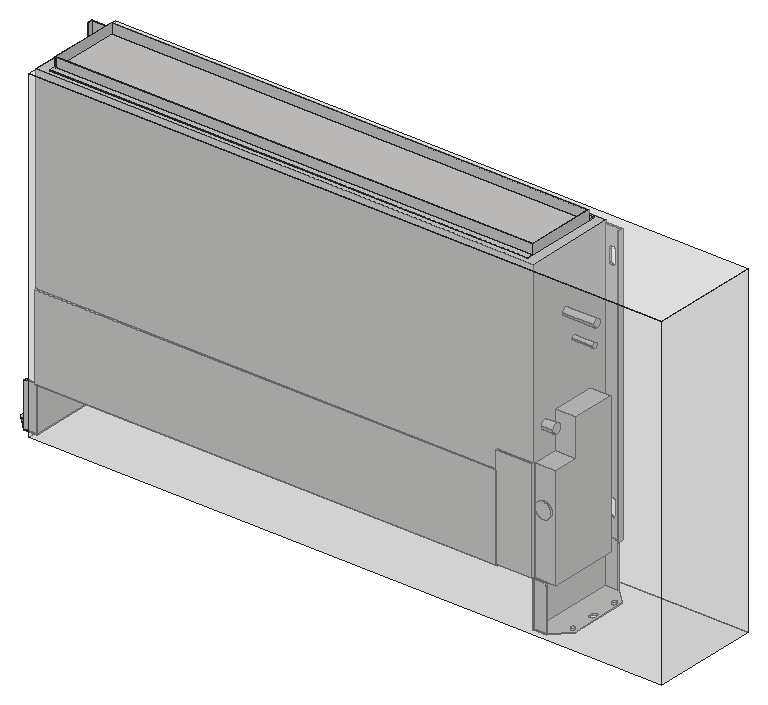
Revit family "outputfile", category 機械設備, Revit 2024
Family settings
  丸型コネクタ寸法 = 半径を使用
  パーツ タイプ = 標準
  OmniClass 番号 = 23.75.10.24.21.27.27
  OmniClass タイトル = Split System Air Conditioning Units
  作業面ベース = いいえ
  常に垂直 = はい
  ロード時にボイドで切り取り = いいえ
  注釈の向きを維持 = いいえ
  共有 = いいえ
  部屋計算ポイント = いいえ
Parameters (values of type "FXNQ63A2VEB")
  Description = ""
  製造元 = "Daikin"
  書き出し IFC クラス(タイプ) = "IfcUnitaryEquipmentType"
  定義済み IFC タイプ(タイプ) = "AIRCONDITIONINGUNIT"
  Cost = 0
  モデル = "FXNQ63A2VEB"
  Type Comments = ""
  Keynote = ""
  Type Image = (empty or 0)
  Assembly Code = ""
  w_hangerfixture = 0.0 mm
  w_dischargeflange = 1060.0 mm
  r_Liquid Pipe Size = Liquid Pipe Size / 2  # 4.75 mm
  r_Gas Pipe Size = Gas Pipe Size / 2  # 7.95 mm
  w_mounting foot = 1230.0 mm
  r_Drain Pipe Size = Drain Pipe Size / 2  # 10.0 mm
  h_mountinghole = [h***] + 1.6 mm  # 1.6 mm
  lh_liquidpipe = 193.0 mm
  lh_gaspipe = 130.0 mm
  lh_drainpipe = 330.0 mm
  lh_antena = 725.8 mm  # constant formula
  ld_liquidpipe = 90.0 mm
  ld_gaspipe = 114.0 mm
  ld_drainpipe = 171.0 mm
  h*** = 0.0 mm  # constant formula
  w_front suction = 1001.0 mm
  d_pipe_2 = 27.3 mm  # constant formula
  d_pipe_1 = 47.6 mm  # constant formula
  d_pipe = 71.2 mm  # constant formula
  Width = 1104.8 mm
  Voltage_comment_60Hz = "220"
  Voltage_comment_50Hz = "220-240"
  Voltage_60Hz = 220 V
  Voltage_50Hz = 220 V
  Version = "ver.1.0"
  Unit Type = "Concealed Floor Standing Type"
  Unit Mass Weight = 32.00 kg
  Unit Designation [instance] = ""
  Uniclass2015Version = "Products v1.30"
  Uniclass2015Title = "Variable refrigerant flow units"
  Uniclass2015Code = "Pr_70_65_03_94"
  URL = ""
  Total Heating Capacity [instance] = 0.000 kW
  Total Cooling Capacity [instance] = 0.000 kW
  Sound Pressure Level_M speed (dBA) = 0
  Sound Pressure Level_L speed (dBA) = 32
  Sound Pressure Level_H speed (dBA) = 35
  Series = "VRV Fan Coil Unit"
  Sensible Cooling Capacity [instance] = 0.000 kW
  SA Duct Size Width = 1058.0 mm
  SA Duct Size Height = 154.0 mm
  Refrigerant Type = "R410A"
  Power Input (Heating) = 0.107 kW
  Power Input (Cooling) = 0.110 kW
  Phase_60Hz = 1
  Phase_50Hz = 1
  Option Accessory 3 [instance] = ""
  Option Accessory 2 [instance] = ""
  Option Accessory 1 [instance] = ""
  Nominal Heating Capacity = 8.000 kW
  Nominal Cooling Capacity = 7.100 kW
  Minimum External Static Pressure = 0.00 Pa
  Minimum Circuit Amps_60Hz = 0.6 A
  Minimum Circuit Amps_50Hz = 0.6 A
  Minimum Airflow = 780.00 m³/h
  Median Airflow = 870.00 m³/h
  Maximum Fuse Amps_60Hz = 16.0 A
  Maximum Fuse Amps_50Hz = 16.0 A
  Maximum External Static Pressure = 55.00 Pa
  Maximum Airflow = 990.00 m³/h
  Material_Casing = DAIKIN_GalvanizedSteel_Casing_indoorunit
  Load Classification = HVAC
  Liquid Pipe Size = 9.5 mm
  Link_Nested Family [instance] = ""
  IfcVersion = "0"
  IfcExportType = "AIRCONDITIONINGUNIT"
  IfcExportAs = "IfcUnitaryEquipmentType"
  Height = 623.4 mm
  Heating Entering Wet Bulb Temperature [instance] = 0.00 °C
  Heating Entering Dry Bulb Temperature [instance] = 0.00 °C
  Heating Ambient Wet Bulb Temperature [instance] = 0.00 °C
  Heating Ambient Dry Bulb Temperature [instance] = 0.00 °C
  Heat Exchanger Type = "Cross Fin Coil"
  Gas Pipe Size = 15.9 mm
  Frequency_60Hz = 60 Hz
  Frequency_50Hz = 50 Hz
  Fan Type = "Sirocco Fan"
  Fan Drive = "Direct Drive"
  FCU Tag No. [instance] = ""
  Drain Pipe Size = 20.0 mm
  Design Supply Airflow [instance] = 0.00 m³/h
  Design External Static Pressure [instance] = 0.00 Pa
  Depth = 200.0 mm
  既定の高さ = 0.0 mm
  Cooling Entering Wet Bulb Temperature [instance] = 0.00 °C
  Cooling Entering Dry Bulb Temperature [instance] = 0.00 °C
  Cooling Ambient Wet Bulb Temperature [instance] = 0.00 °C
  Cooling Ambient Dry Bulb Temperature [instance] = 0.00 °C
  Clearance visibility [instance] = yes
  Clearance Top = 0.0 mm
  Clearance Right = 300.0 mm
  Clearance Rear = 20.0 mm
  Clearance Left = 0.0 mm
  Clearance Front = 20.0 mm
  Clearance Bottom = 100.0 mm
Reference planes
  plane 1 "Back": y = 0
  plane 2: z = 0
  plane 3 "Center (Left/Right)": x = 0
  plane 4 "Center (Front/Back)": y = -100
  plane 5 "Front": y = -200
  plane 6 "Left": x = -552.4
  plane 7 "Right": x = 552.4
  plane 8 "Top": z = 726.4
  plane 9: z = 103
  plane 10 "lh_liquidpipe": z = 533.4
  plane 11 "ld_liquidpipe": y = -90
  plane 12 "ld_gaspipe": y = -114
  plane 13 "lh_gaspipe": z = 596.4
  plane 14 "lh_drainpipe": z = 396.4
  plane 15 "ld_drainpipe": y = -171
  plane 16: x = 600
  plane 17: x = 623.6
  plane 18: x = -540
  plane 19: x = 461
  plane 20: z = 111.4
  plane 21: z = 290.8
  plane 22 "lw_powersupply": x = 576.2
  plane 23 "ld_powersupply": y = -150
  plane 24: y = -10
  plane 25: y = -190
  plane 26: x = 615
  plane 27: x = -615
  plane 28: x = 579.7
  plane 29: x = -590
  plane 30: x = 590
  plane 31: z = 723
  plane 32: z = 747.6
  plane 33: z = 726.4
  plane 34: z = 3
  plane 35: x = -552.4
  plane 36: x = 852.4
  plane 37: y = -220
  plane 38: y = 20
  plane 39: x = -605
  plane 40: x = 605
  plane 41: y = -97.5
  plane 42 "Bottom": z = 0
Forms (mm)
  Extrusion 1, solid, material "DAIKIN_GalvanizedSteel_Casing_indoorunit" <- "Material_Casing"
    sketch origin (0, 0, 0) x (1, 0, 0) y (0, 1, 0)
      loop
        line (-552.4, 0) -> (-552.4, -200) -> (552.4, -200) -> (552.4, 0) -> (-552.4, 0)
    from 103 to 726.4
  Extrusion 2, solid, material "DAIKIN_GalvanizedSteel_Casing_indoorunit" <- "Material_Casing"
    sketch origin (552.4, 0, 0) x (0, -1, 0) y (0, 0, -1)
      loop
        circle (90, -533.4) r 4.75
    from 0 to 47.6
  Extrusion 3, solid, material "DAIKIN_GalvanizedSteel_Casing_indoorunit" <- "Material_Casing"
    sketch origin (552.4, 0, 0) x (0, -1, 0) y (0, 0, -1)
      loop
        circle (114, -596.4) r 7.95
    from 0 to 71.2
  Extrusion 4, solid, material "DAIKIN_GalvanizedSteel_Casing_indoorunit" <- "Material_Casing"
    sketch origin (0, -200, 0) x (-1, 0, 0) y (0, 0, 1)
      loop
        line (552.4, 290.8) -> (-471.8, 290.8) -> (-471.8, 103) -> (552.4, 103) -> (552.4, 290.8)
    from 0 to -5
  Extrusion 5, solid, material "DAIKIN_GalvanizedSteel_Casing_indoorunit" <- "Material_Casing"
    sketch origin (552.4, 0, 0) x (0, 1, 0) y (0, 0, 1)
      loop
        line (-198.4, 103.6) -> (-46, 103.6) -> (-46, 413.6) -> (-142.2, 413.6) -> (-142.2, 331.6) -> (-198.4, 331.6) -> (-198.4, 103.6)
    from 0 to 47.6
  Extrusion 6, solid, material "DAIKIN_GalvanizedSteel_Casing_indoorunit" <- "Material_Casing"
    sketch origin (0, 0, 103) x (-1, 0, 0) y (0, -1, 0)
      loop
        line (552.4, 0) -> (552.4, 200) -> (-471.8, 200) -> (-471.8, 0) -> (552.4, 0)
    from 0 to -5
  Extrusion 7, solid, material "DAIKIN_GalvanizedSteel_Casing_indoorunit" <- "Material_Casing"
    sketch origin (552.4, 0, 0) x (0, 1, 0) y (0, 0, 1)
      loop
        circle (-171, 396.4) r 10
    from 0 to 27.3
  Extrusion 8, solid, material "DAIKIN_GalvanizedSteel_Casing_indoorunit" <- "Material_Casing"
    sketch origin (0, 0, 103) x (-1, 0, 0) y (0, -1, 0)
      loop
        line (552.4, 0) -> (590, 0) -> (590, 10) -> (587.7, 10) -> (587.7, 2.3) -> (552.4, 2.3) -> (552.4, 0)
    from 0 to 620
  Extrusion 9, solid, material "DAIKIN_GalvanizedSteel_Casing_indoorunit" <- "Material_Casing"
    sketch origin (0, 0, 103) x (1, 0, 0) y (0, 1, 0)
      loop
        line (552.4, 0) -> (552.4, -2.3) -> (587.7, -2.3) -> (587.7, -10) -> (590, -10) -> (590, 0) -> (552.4, 0)
    from 0 to 620
  Extrusion 10, void
    sketch origin (-552.4, -2.3, 103) x (1, 0, 0) y (0, 0, -1)
      loop
        line (-24.6, -547) -> (-24.6, -573)
        arc (-24.6, -573) -> (-17.6, -580) -> (-10.6, -573) r 7
        line (-10.6, -573) -> (-10.6, -547)
        arc (-10.6, -547) -> (-17.6, -540) -> (-24.6, -547) r 7
      loop
        arc (1129.4, -547) -> (1122.4, -540) -> (1115.4, -547) r 7
        line (1115.4, -547) -> (1115.4, -573)
        arc (1115.4, -573) -> (1122.4, -580) -> (1129.4, -573) r 7
        line (1129.4, -573) -> (1129.4, -547)
      loop
        line (-24.6, -47) -> (-24.6, -73)
        arc (-24.6, -73) -> (-17.6, -80) -> (-10.6, -73) r 7
        line (-10.6, -73) -> (-10.6, -47)
        arc (-10.6, -47) -> (-17.6, -40) -> (-24.6, -47) r 7
      loop
        arc (1129.4, -47) -> (1122.4, -40) -> (1115.4, -47) r 7
        line (1115.4, -47) -> (1115.4, -73)
        arc (1115.4, -73) -> (1122.4, -80) -> (1129.4, -73) r 7
        line (1129.4, -73) -> (1129.4, -47)
    from 0 to 250
  Extrusion 11, solid, material "DAIKIN_GalvanizedSteel_Casing_indoorunit" <- "Material_Casing"
    sketch origin (552.4, -200, 0) x (-1, 0, 0) y (0, 0, -1)
      loop
        line (80.6, -331.6) -> (80.6, -104.6) -> (0, -104.6) -> (0, -331.6) -> (80.6, -331.6)
    from 0 to 5
  Extrusion 12, solid, material "DAIKIN_GalvanizedSteel_Casing_indoorunit" <- "Material_Casing"
    sketch origin (552.4, -198.4, 331.6) x (0, 0, -1) y (1, 0, 0)
      loop
        circle (86.6, 21.8) r 17.5
    from 0 to 2.6
Cuts and joins
  Extrusion 10 cuts Extrusion 8
  Extrusion 10 cuts Extrusion 9
Dimensions and locks
  "Height": plane 8 "Top" to plane 9
  "Depth": plane 1 "Back" to plane 5 "Front"
  equal spacing: plane 5 "Front", plane 4 "Center (Front/Back)", plane 1 "Back"
  "Width": plane 6 "Left" to plane 7 "Right"
  equal spacing: plane 6 "Left", plane 3 "Center (Left/Right)", plane 7 "Right"
  "ld_liquidpipe": plane 11 "ld_liquidpipe" to plane 1 "Back"
  "lh_liquidpipe": plane 8 "Top" to plane 10 "lh_liquidpipe"
  "ld_gaspipe": plane 12 "ld_gaspipe" to plane 1 "Back"
  "lh_gaspipe": plane 8 "Top" to plane 13 "lh_gaspipe"
  "lh_drainpipe": plane 8 "Top" to plane 14 "lh_drainpipe"
  "ld_drainpipe": plane 15 "ld_drainpipe" to plane 1 "Back"
  "d_pipe_1": plane 16 to plane 7 "Right"
  "d_pipe": plane 17 to plane 7 "Right"
  plane 21 to plane 20 to plane 9 = 179.4 mm locked, 8.4 mm locked
  locked: plane 18 to plane 29 at 50
  "w_front suction": plane 19 to plane 18
  locked: Extrusion 5 sketch curve to Extrusion 5 sketch curve at 96.2
  locked: Extrusion 5 sketch curve to Extrusion 5 sketch curve at 310
  locked: Extrusion 5 sketch curve to Extrusion 5 sketch curve at 152.4
  locked: Extrusion 5 sketch curve to Extrusion 5 sketch curve at 228
  locked: Extrusion 5 sketch curve to plane 9 at 0.6
  locked: plane 7 "Right" to plane 22 "lw_powersupply" at 23.8
  locked: plane 23 "ld_powersupply" to plane 5 "Front" at 50
  locked: plane 24 to plane 1 "Back" at 10
  locked: plane 25 to plane 5 "Front" at 10
  equal spacing: plane 26, plane 3 "Center (Left/Right)", plane 27
  "w_mounting foot": plane 26 to plane 27
  locked: Extrusion 5 sketch curve to plane 1 "Back" at 46
  "d_pipe_2": plane 28 to plane 7 "Right"
  locked: plane 30 to plane 7 "Right" at 37.6
  locked: plane 6 "Left" to plane 29 at 37.6
  locked: Extrusion 10 sketch curve to Extrusion 10 sketch curve at 14  (x6)
  locked: Extrusion 10 sketch curve to Extrusion 10 sketch curve at 26  (x6)
  locked: plane 8 "Top" to plane 31 at 3.4
  locked: cut or joined group of Extrusion 8, Extrusion 10 to Extrusion 10 sketch curve at 17.6
  locked: cut or joined group of Extrusion 8, Extrusion 10 to Extrusion 10 sketch curve at 47
  locked: Extrusion 9 to Extrusion 10 sketch curve at 47
  locked: Extrusion 10 sketch curve to Extrusion 1 at 17.6  (x3)
  locked: Extrusion 10 sketch curve to Extrusion 10 sketch curve at 474  (x2)
  locked: plane 32 to plane 8 "Top" at 21.2
  "Clearance Right": plane 36 to plane 7 "Right"
  "Clearance Left": plane 6 "Left" to plane 35
  "Clearance Bottom": plane 9 to plane 34
  "Clearance Top": plane 33 to plane 8 "Top"
  "Clearance Front": plane 5 "Front" to plane 37
  "Clearance Rear": plane 1 "Back" to plane 38
  locked: plane 27 to plane 39 at 10
  locked: plane 40 to plane 26 at 10
  locked: plane 41 to plane 4 "Center (Front/Back)" at 2.5
  "h***": plane 42 "Bottom" to plane 2
  locked: plane 9 to plane 42 "Bottom" at 103
  locked: Extrusion 11 sketch curve to Extrusion 11 sketch curve at 227
  locked: Extrusion 11 sketch curve to Extrusion 11 sketch curve at 80.6
  locked: Extrusion 11 sketch curve to plane 9 at 1.6
  locked: Extrusion 12 sketch curve to plane 9 at 142
  locked: Extrusion 12 sketch curve to plane 7 "Right" at 21.8
  "Liquid Pipe Size": diameter of Extrusion 2 sketch curve
  "Gas Pipe Size": diameter of Extrusion 3 sketch curve
  "Drain Pipe Size": diameter of Extrusion 7 sketch curve
  aligned and locked: level to plane 2
  aligned and locked: plane 1 "Back" to Extrusion 1 sketch curve
  aligned and locked: plane 6 "Left" to Extrusion 1 sketch curve
  aligned and locked: plane 5 "Front" to Extrusion 1 sketch curve
  aligned and locked: Extrusion 1 sketch curve to plane 7 "Right"
  aligned and locked: plane 8 "Top" to Extrusion 1
  aligned and locked: Extrusion 1 to plane 9
  aligned and locked: plane 9 to nested 1
  aligned and locked: nested 1 to plane 4 "Center (Front/Back)"
  aligned and locked: plane 4 "Center (Front/Back)" to nested 2
  aligned and locked: nested 2 to plane 9
  aligned and locked: plane 11 "ld_liquidpipe" to Extrusion 2 sketch curve
  aligned and locked: plane 10 "lh_liquidpipe" to Extrusion 2 sketch curve
  aligned and locked: plane 16 to Extrusion 2
  aligned and locked: plane 13 "lh_gaspipe" to Extrusion 3 sketch curve
  aligned and locked: plane 12 "ld_gaspipe" to Extrusion 3 sketch curve
  aligned and locked: plane 17 to Extrusion 3
  aligned and locked: plane 21 to Extrusion 4 sketch curve
  aligned and locked: plane 5 "Front" to Extrusion 4
  aligned and locked: plane 22 "lw_powersupply" to nested 3
  aligned and locked: plane 23 "ld_powersupply" to nested 3
  aligned and locked: plane 9 to Extrusion 6
  aligned and locked: nested 1 to plane 26
  aligned and locked: nested 2 to plane 27
  aligned and locked: plane 16 to Extrusion 5
  aligned and locked: Extrusion 5 to nested 3
  aligned and locked: plane 14 "lh_drainpipe" to Extrusion 7 sketch curve
  aligned and locked: plane 15 "ld_drainpipe" to Extrusion 7 sketch curve
  aligned and locked: plane 28 to Extrusion 7
  aligned and locked: nested 4 to plane 12 "ld_gaspipe"
  aligned and locked: nested 4 to Extrusion 3
  aligned and locked: nested 5 to Extrusion 2
  aligned and locked: Extrusion 7 to plane 7 "Right"
  aligned and locked: nested 4 to plane 13 "lh_gaspipe"
  aligned and locked: nested 5 to plane 10 "lh_liquidpipe"
  aligned and locked: nested 6 to plane 15 "ld_drainpipe"
  aligned and locked: plane 28 to nested 6
  aligned and locked: nested 6 to plane 14 "lh_drainpipe"
  aligned and locked: Extrusion 8 to plane 9
  aligned and locked: plane 30 to Extrusion 9
  aligned and locked: Extrusion 9 to plane 7 "Right"
  aligned and locked: Extrusion 8 to plane 29
  aligned and locked: Extrusion 9 to plane 9
  aligned and locked: plane 31 to cut or joined group of Extrusion 8, Extrusion 10
  aligned and locked: plane 31 to Extrusion 9
  aligned and locked: plane 8 "Top" to nested 7
  aligned and locked: nested 7 to plane 32
  aligned and locked: plane 3 "Center (Left/Right)" to nested 7
  aligned and locked: nested 8 to plane 38
  aligned and locked: nested 8 to plane 37
  aligned and locked: plane 33 to nested 8
  aligned and locked: plane 34 to nested 8
  aligned and locked: plane 35 to nested 8
  aligned and locked: plane 36 to nested 8
  aligned and locked: nested 9 to plane 4 "Center (Front/Back)"
  aligned and locked: plane 40 to nested 9
  aligned and locked: nested 10 to plane 4 "Center (Front/Back)"
  aligned and locked: plane 39 to nested 10
  aligned and locked: plane 41 to nested 7
  aligned and locked: Extrusion 11 sketch curve to plane 7 "Right"
  aligned and locked: plane 6 "Left" to Extrusion 4 sketch curve
  aligned and locked: plane 9 to Extrusion 4 sketch curve
  aligned and locked: Extrusion 11 to Extrusion 4 sketch curve
  aligned and locked: plane 1 "Back" to Extrusion 6 sketch curve
  aligned and locked: plane 5 "Front" to Extrusion 6 sketch curve
  aligned and locked: Extrusion 6 to plane 6 "Left"
  aligned and locked: Extrusion 6 to Extrusion 11
Automatic sketch dimensions
  Extrusion 1 sketch curve to plane 5 "Front" = 0.0 mm
  plane 1 "Back" to Extrusion 8 sketch curve = 0.0 mm
  Extrusion 8 sketch curve to plane 6 "Left" = 0.0 mm
  plane 24 to Extrusion 8 sketch curve = 0.0 mm
  Extrusion 8 sketch curve to plane 29 = 0.0 mm
  plane 29 to Extrusion 8 sketch curve = 2.3 mm
  plane 1 "Back" to Extrusion 8 sketch curve = 2.3 mm
  plane 1 "Back" to Extrusion 9 sketch curve = 0.0 mm
  Extrusion 9 sketch curve to plane 7 "Right" = 0.0 mm
  plane 24 to Extrusion 9 sketch curve = 0.0 mm
  Extrusion 9 sketch curve to plane 30 = 0.0 mm
  Extrusion 9 sketch curve to plane 30 = 2.3 mm
  plane 1 "Back" to Extrusion 9 sketch curve = 2.3 mm
  plane 27 to Extrusion 6 sketch curve = 62.6 mm
  Extrusion 6 sketch curve to plane 36 = 380.6 mm
  radius of Extrusion 12 sketch curve = 17.5 mm
Nested families
  nested 1: "daikin_hangerfixture_FXNQ-A2VEB" at (615, -100, 103) x (0, -1, 0) z (0, 0, 1), type "daikin_hangerfixture_FXNQ-A2VEB"
  nested 2: "daikin_hangerfixture_FXNQ-A2VEB" at (-615, -100, 103) x (0, -1, 0) z (0, 0, 1), type "daikin_hangerfixture_FXNQ-A2VEB"
  nested 3: "daikin_connector_rotate2" at (576.2, -150, 153.6) x (1, 0, 0) z (0, -1, 0), type "daikin_connector_rotate2"
    with radius 10.0 mm, length 50.0 mm, angle_vertical 90.00°, show_face no
  nested 4: "daikin_connector_rotate2" at (552.45, -114, 596.4) x (0, 1, 0) z (0, 0, 1), radius <- "r_Gas Pipe Size", type "daikin_connector_rotate2"
    with radius 7.95 mm, length 71.15 mm, angle_vertical 90.00°, show_face no
  nested 5: "daikin_connector_rotate2" at (552.4, -90, 533.4) x (0, 1, 0) z (0, 0, 1), radius <- "r_Liquid Pipe Size", type "daikin_connector_rotate2"
    with radius 4.75 mm, length 47.6 mm, angle_vertical 90.00°, show_face no
  nested 6: "daikin_connector_rotate2" at (552.4, -171, 396.4) x (0, 1, 0) z (0, 0, 1), radius <- "r_Drain Pipe Size", type "daikin_connector_rotate2"
    with radius 10.0 mm, length 27.3 mm, angle_vertical 90.00°, show_face no
  nested 7: "daikin_ductflange_FXNQ-A2VEB" at (0, -189, 726.4) x (1, 0, 0) z (0, 1, 0), width <- "w_dischargeflange", material <- "Material_Casing", type "daikin_ductflange_FXNQ-A2VEB"
    with width 1060.0 mm, material DAIKIN_GalvanizedSteel_Casing_indoorunit, height 183.0 mm, depth 21.2 mm
  nested 8: "daikin_clearancespace" at (150, -100, 364.819), visible <- "Clearance visibility", show <- "Clearance visibility", Link_Nested Family <- "Link_Nested Family", type "daikin_clearancespace"
    with width 1404.8 mm, show yes, height 723.4 mm, depth 240.0 mm, Link_Nested Family ""
  nested 9: "daikin_mountinghole" at (605, -100, 0), Link_Nested Family <- "Link_Nested Family", h_mountinghole <- "h_mountinghole", l_antenna <- "lh_antena", type "daikin_mountinghole"
    with show yes, l_antenna 725.8 mm, h_mountinghole 1.6 mm, Link_Nested Family ""
  nested 10: "daikin_mountinghole" at (-605, -100, 0), Link_Nested Family <- "Link_Nested Family", h_mountinghole <- "h_mountinghole", l_antenna <- "lh_antena", type "daikin_mountinghole"
    with show yes, l_antenna 725.8 mm, h_mountinghole 1.6 mm, Link_Nested Family ""
Connectors
  electrical at (576.2, -150, 103.6), driven by "Load Classification"
    settings: on nested 3, index 4, voltage 0 V, apparent load 0 VA, apparent load phase1 0 VA, apparent load phase2 0 VA, apparent load phase3 0 VA, power factor 1, load classification "HVAC", number of poles 1, system type 30, power factor state 1, is connector primary yes, connector utility no, sub classification motor no, connector description "Power Supply"
  piping at (623.6, -114, 596.4), diameter 15.9, driven by "r_Gas Pipe Size"
    settings: on nested 4, index 6, connector inside diameter 609.6 mm, connector length 0.0 mm, flow factor 0, pipe flow 0.00 m³/h, pressure drop 0.0 Pa, fitting loss kfactor 0, connector angle 0.00°, fixture units 0, engagement length 0.0 mm, angle of deflection 0.00°, flow configuration 1, flow direction 2, fitting loss method 0, system type 29, joint type 0, gender type 0, connector reference index -1, connector utility 0, adjustable connector no, is connector primary yes, connector description "Refrigerant Gas Piping"
  piping at (600, -90, 533.4), diameter 9.5, driven by "r_Liquid Pipe Size"
    settings: on nested 5, index 7, connector inside diameter 609.6 mm, connector length 0.0 mm, flow factor 0, pipe flow 0.00 m³/h, pressure drop 0.0 Pa, fitting loss kfactor 0, connector angle 0.00°, fixture units 0, engagement length 0.0 mm, angle of deflection 0.00°, flow configuration 1, flow direction 1, fitting loss method 0, system type 29, joint type 0, gender type 0, connector reference index -1, connector utility 0, adjustable connector no, is connector primary no, connector description "Refrigerant Liquid Piping"
  piping at (579.7, -171, 396.4), diameter 20, driven by "r_Drain Pipe Size"
    settings: on nested 6, index 8, connector inside diameter 609.6 mm, connector length 0.0 mm, flow factor 0, pipe flow 0.00 m³/h, pressure drop 0.0 Pa, fitting loss kfactor 0, connector angle 0.00°, fixture units 0, engagement length 0.0 mm, angle of deflection 0.00°, flow configuration 1, flow direction 2, fitting loss method 4, system type 16, joint type 0, gender type 0, connector reference index -1, connector utility 0, adjustable connector no, is connector primary no, connector description "Condensate Drain Piping"
  hvac at (0, -97.5, 747.6), driven by "SA Duct Size Width", driven by "SA Duct Size Height"
    settings: on nested 7, index 9, duct flow 0.00 m³/h, flow factor 0, pres drop 0.00 Pa, loss coef 0, conn angle 0.00°, conn width 1058.0 mm, conn height 154.0 mm, conn diameter 609.6 mm, duct sys type 1, conn prof type 1, flow config 0, flow direction 2, loss method 4, conn ref index -1, conn util no, is conn primary yes, conn desc "SA Duct"
Definition of nested family "daikin_hangerfixture_FXNQ-A2VEB"
  Parameters (values of type "daikin_hangerfixture_FXNQ-A2VEB")
    width = 200.0 mm
    material = none
    height = 103.0 mm
    depth = 84.2 mm
    Default Elevation = 0.0 mm
  Reference planes
    plane 1 "Center (Front/Back)": y = 0
    plane 2: z = 0
    plane 3 "Center (Left/Right)": x = 0
    plane 4: y = -84.2
    plane 5: x = -100
    plane 6: x = 100
    plane 7: z = -103
    plane 8: x = 98.4
    plane 9: x = -98.4
  Forms (mm)
    Extrusion 1, solid, material <- "material"
      sketch origin (0, 0, 0) x (0, 1, 0) y (0, 0, 1)
        loop
          line (-84.2, 0) -> (-84.2, -1.6) -> (-65.2, -1.6) -> (-65.2, -101.4)
          arc (-65.2, -101.4) -> (-64.731, -102.531) -> (-63.6, -103) r 1.6
          line (-63.6, -103) -> (0, -103) -> (0, -101.4) -> (-63.6, -101.4) -> (-63.6, 0) -> (-84.2, 0)
      from -100 to 100
    Extrusion 2, void
      sketch origin (0, 0, -101.4) x (1, 0, 0) y (0, -1, 0)
        loop
          line (-100, 0) -> (-66, 0) -> (-100, 34) -> (-100, 0)
        loop
          line (100, 0) -> (100, 34) -> (66, 0) -> (100, 0)
        loop
          line (-3, 4) -> (3, 4)
          arc (3, 4) -> (9, 10) -> (3, 16) r 6
          line (3, 16) -> (-3, 16)
          arc (-3, 16) -> (-9, 10) -> (-3, 4) r 6
      from 0 to 1.6
    Extrusion 3, solid, material <- "material"
      sketch origin (0, 0, 0) x (0, 1, 0) y (0, 0, 1)
        loop
          line (-63.6, -1.8) -> (-63.6, -101.4) -> (-35, -101.4) -> (-35, -6.8)
          arc (-35, -6.8) -> (-36.464, -3.264) -> (-40, -1.8) r 5
          line (-40, -1.8) -> (-63.6, -1.8)
      from 98.4 to 100
    Extrusion 4, solid, material <- "material"
      sketch origin (-265, -1.4, 0) x (0, 1, 0) y (0, 0, 1)
        loop
          line (-62.2, -1.8) -> (-62.2, -101.4) -> (-33.6, -101.4) -> (-33.6, -7.36)
          arc (-33.6, -7.36) -> (-35.228, -3.428) -> (-39.16, -1.8) r 5.56
          line (-39.16, -1.8) -> (-62.2, -1.8)
      from 165 to 166.6
    Extrusion 5, solid, material <- "material"
      sketch origin (0, 0, -101.4) x (0, -1, 0) y (1, 0, 0)
        loop
          circle (10, -57.85) r 4.1
        loop
          circle (10, 57.85) r 4.1
      from 0 to 2.6
    Extrusion 6, solid, material <- "material"
      sketch origin (0, 0, 0) x (1, 0, 0) y (0, 0, 1)
        loop
          line (-63.4, 25.35) -> (-72.9, 25.35)
          arc (-72.9, 25.35) -> (-76.436, 23.886) -> (-77.9, 20.35) r 5
          line (-77.9, 20.35) -> (-77.9, 0) -> (-58.4, 0) -> (-58.4, 20.35)
          arc (-58.4, 20.35) -> (-59.864, 23.886) -> (-63.4, 25.35) r 5
        loop
          circle (-68.15, 15.6) r 6
      from 63.6 to 65.2
  Cuts and joins
    Extrusion 2 cuts Extrusion 1
  Dimensions and locks
    "width": plane 5 to plane 6
    "depth": plane 4 to plane 1 "Center (Front/Back)"
    equal spacing: plane 5, plane 3 "Center (Left/Right)", plane 6
    "height": level to plane 7
    locked: Extrusion 3 sketch curve to Extrusion 3 sketch curve at 99.6
    locked: Extrusion 3 sketch curve to Extrusion 3 sketch curve at 28.6
    locked: plane 8 to plane 6 at 1.6
    locked: plane 5 to plane 9 at 1.6
    locked: Extrusion 4 sketch curve to Extrusion 4 sketch curve at 99.6
    locked: Extrusion 4 sketch curve to Extrusion 4 sketch curve at 28.6
    locked: Extrusion 5 sketch curve to plane 6 at 42.15
    locked: plane 5 to Extrusion 5 sketch curve at 42.15
    locked: Extrusion 5 sketch curve to plane 1 "Center (Front/Back)" at 10  (x2)
    locked: Extrusion 6 sketch curve to Extrusion 6 sketch curve at 25.35
    locked: Extrusion 6 sketch curve to Extrusion 6 sketch curve at 19.5
    locked: Extrusion 6 sketch curve to plane 5 at 22.1
    locked: Extrusion 6 sketch curve to Extrusion 6 sketch curve at 9.75
    radius of Extrusion 3 sketch curve = 5.0 mm
    radius of Extrusion 4 sketch curve = 5.56 mm
    radius of Extrusion 5 sketch curve = 4.1 mm  (x2)
    aligned and locked: level to plane 2
    aligned and locked: Extrusion 1 to plane 5
    aligned and locked: plane 6 to Extrusion 1
    aligned and locked: Extrusion 1 to plane 1 "Center (Front/Back)"
    aligned and locked: Extrusion 1 to plane 4
    aligned and locked: cut or joined group of Extrusion 1, Extrusion 2 to Extrusion 3 sketch curve  (x2)
    aligned and locked: plane 6 to Extrusion 3
    aligned and locked: Extrusion 3 to plane 8
    aligned and locked: Extrusion 4 to plane 5
    aligned and locked: plane 9 to Extrusion 4
    aligned and locked: Extrusion 4 to cut or joined group of Extrusion 1, Extrusion 2
    aligned and locked: level to Extrusion 6 sketch curve
    aligned and locked: cut or joined group of Extrusion 1, Extrusion 2 to Extrusion 6  (x2)
  Automatic sketch dimensions
    Extrusion 1 sketch curve to plane 4 = 0.0 mm
    Extrusion 1 sketch curve to plane 7 = 0.0 mm
    Extrusion 1 sketch curve to plane 1 "Center (Front/Back)" = 0.0 mm
    Extrusion 1 sketch curve to Extrusion 1 sketch curve = 0.0 mm  (x2)
    Extrusion 2 sketch curve to Extrusion 1 = 0.0 mm  (x2)
    Extrusion 1 to Extrusion 2 sketch curve = 0.0 mm  (x2)
    Extrusion 1 to Extrusion 2 sketch curve = 34.0 mm  (x2)
    Extrusion 1 to Extrusion 2 sketch curve = 10.0 mm
    Extrusion 2 sketch curve to Extrusion 2 sketch curve = 63.0 mm
    Extrusion 2 sketch curve to Extrusion 2 sketch curve = 6.0 mm  (x2)
    Extrusion 2 sketch curve to Extrusion 1 = 29.6 mm  (x2)
    Extrusion 4 sketch curve to level = 1.8 mm
    plane 4 to Extrusion 4 sketch curve = 20.6 mm
    Extrusion 6 sketch curve to Extrusion 6 sketch curve = 5.0 mm  (x2)
    Extrusion 6 sketch curve to Extrusion 6 sketch curve = 4.75 mm
    Extrusion 1 sketch curve to level = 1.6 mm
    plane 4 to Extrusion 1 sketch curve = 19.0 mm
    Extrusion 1 sketch curve to Extrusion 1 sketch curve = 1.6 mm
    Extrusion 1 sketch curve to level = 0.0 mm
    radius of Extrusion 6 sketch curve = 6.0 mm
Definition of nested family "daikin_ductflange_FXNQ-A2VEB"
  Parameters (values of type "daikin_ductflange_Exhaust Duct")
    width [instance] = 662.0 mm
    material [instance] = none
    height [instance] = 183.0 mm
    depth [instance] = 21.2 mm
    Default Elevation = 0.0 mm
  Reference planes
    plane 1 "Center (Front/Back)": y = 0
    plane 2: z = 0
    plane 3 "Center (Left/Right)": x = 0
    plane 4: y = -21.2
    plane 5: x = -331
    plane 6: x = 331
    plane 7 "Top": z = 183
    plane 8: y = -1
    plane 9: z = 168.5
    plane 10: z = 14.5
    plane 11 "Center (Elevation)": z = 91.5
    plane 12: x = -330
    plane 13: x = 330
  Forms (mm)
    Extrusion 1, solid, material <- "material"
      sketch origin (0, 0, 0) x (1, 0, 0) y (0, 0, 1)
        loop
          line (-331, 183) -> (-331, 0) -> (331, 0) -> (331, 183) -> (-331, 183)
        loop
          line (-330, 168.5) -> (-330, 14.5) -> (330, 14.5) -> (330, 168.5) -> (-330, 168.5)
      from 0 to 1
    Extrusion 2, solid, material <- "material"
      sketch origin (0, 0, 0) x (1, 0, 0) y (0, 1, 0)
        loop
          line (-331, -1) -> (-331, -21.2) -> (-330, -21.2) -> (-330, -1) -> (-331, -1)
        loop
          line (330, -1) -> (330, -21.2) -> (331, -21.2) -> (331, -1) -> (330, -1)
      from 14.5 to 168.5
    Extrusion 3, solid, material <- "material"
      sketch origin (0, 0, 0) x (0, 1, 0) y (0, 0, 1)
        loop
          line (-1, 168.5) -> (-1, 169.458) -> (-21.2, 169.458) -> (-21.2, 168.5) -> (-1, 168.5)
        loop
          line (-1, 14.5) -> (-21.2, 14.5) -> (-21.2, 13.542) -> (-1, 13.542) -> (-1, 14.5)
      from -331 to 331
  Cuts and joins
    joined: Extrusion 1, Extrusion 2, Extrusion 3
  Dimensions and locks
    "height": plane 7 "Top" to plane 2
    "width": plane 5 to plane 6
    equal spacing: plane 5, plane 3 "Center (Left/Right)", plane 6
    "depth": plane 1 "Center (Front/Back)" to plane 4
    locked: plane 8 to plane 1 "Center (Front/Back)" at 1
    locked: plane 7 "Top" to plane 9 at 14.5
    locked: plane 10 to plane 2 at 14.5
    equal spacing: plane 7 "Top", plane 11 "Center (Elevation)", plane 2
    locked: Extrusion 3 sketch curve to Extrusion 2 at 0.958  (x2)
    locked: plane 7 "Top" to Extrusion 1 sketch curve at 14.5
    locked: Extrusion 1 sketch curve to plane 2 at 14.5
    locked: plane 12 to plane 5 at 1
    locked: plane 6 to plane 13 at 1
    aligned and locked: level to plane 2
    aligned and locked: Extrusion 1 sketch curve to plane 7 "Top"
    aligned and locked: plane 5 to Extrusion 1 sketch curve
    aligned and locked: Extrusion 1 sketch curve to plane 6
    aligned and locked: plane 2 to Extrusion 1 sketch curve
    aligned and locked: Extrusion 1 to plane 8
    aligned and locked: plane 9 to Extrusion 2
    aligned and locked: Extrusion 2 to plane 10
    aligned and locked: plane 8 to Extrusion 3 sketch curve
    aligned and locked: Extrusion 3 sketch curve to plane 9
    aligned and locked: Extrusion 3 sketch curve to plane 8
    aligned and locked: Extrusion 3 sketch curve to plane 10
    aligned and locked: Extrusion 3 to plane 5
    aligned and locked: plane 6 to Extrusion 3
    aligned and locked: plane 4 to Extrusion 3 sketch curve
    aligned and locked: Extrusion 3 sketch curve to plane 4
    aligned and locked: plane 5 to Extrusion 2 sketch curve
    aligned and locked: Extrusion 2 sketch curve to plane 12
    aligned and locked: Extrusion 2 sketch curve to plane 6
    aligned and locked: plane 13 to Extrusion 2 sketch curve
    aligned and locked: Extrusion 2 sketch curve to plane 8
    aligned and locked: plane 4 to Extrusion 2 sketch curve
    aligned and locked: plane 12 to Extrusion 1 sketch curve
    aligned and locked: Extrusion 1 sketch curve to plane 13
  Automatic sketch dimensions
    Extrusion 2 sketch curve to plane 4 = 0.0 mm
    Extrusion 2 sketch curve to plane 8 = 0.0 mm
Definition of nested family "daikin_clearancespace"
  Parameters (values of type "daikin_clearancespace")
    width [instance] = 1823.963 mm
    show [instance] = yes
    material = none
    height [instance] = 1359.762 mm
    depth [instance] = 880.0 mm
    Default Elevation = 0.0 mm
    Link_Nested Family [instance] = ""
  Reference planes
    plane 1 "Center (Front/Back)": y = 0
    plane 2 "Center (Elevation)": z = -0.119
    plane 3 "Center (Left/Right)": x = 0
    plane 4: y = 440
    plane 5: y = -440
    plane 6 "Right": x = 911.982
    plane 7 "Left": x = -911.982
    plane 8 "Top": z = 679.762
    plane 9 "Bottom": z = -680
  Forms (mm)
    Extrusion 1, solid, material <- "material", visible <- "show"
      sketch origin (0, 0, 0) x (1, 0, 0) y (0, 1, 0)
        loop
          line (-911.982, 440) -> (-911.982, -440) -> (911.982, -440) -> (911.982, 440) -> (-911.982, 440)
      from -680 to 679.762
  Lines and regions (mm)
    symbolic lines, visible <- "show"
      curve 1: line (911.982, 440, 0) -> (-911.982, 440, 0)
      curve 2: line (-911.982, 440, 0) -> (-911.982, -440, 0)
      curve 3: line (-911.982, -440, 0) -> (911.982, -440, 0)
      curve 4: line (911.982, -440, 0) -> (911.982, 440, 0)
      curve 5: line (911.982, 0, 679.762) -> (-911.982, 0, 679.762)
      curve 6: line (911.982, 0, -680) -> (911.982, 0, 679.762)
      curve 7: line (-911.982, 0, -680) -> (911.982, 0, -680)
      curve 8: line (-911.982, 0, 679.762) -> (-911.982, 0, -680)
      curve 9: line (0, 440, 679.762) -> (0, -440, 679.762)
      curve 10: line (0, -440, 679.762) -> (0, -440, -680)
      curve 11: line (0, 440, -680) -> (0, 440, 679.762)
      curve 12: line (0, -440, -680) -> (0, 440, -680)
  Dimensions and locks
    "width": plane 7 "Left" to plane 6 "Right"
    "depth": plane 4 to plane 5
    "height": plane 8 "Top" to plane 9 "Bottom"
    equal spacing: plane 7 "Left", plane 3 "Center (Left/Right)", plane 6 "Right"
    equal spacing: plane 4, plane 1 "Center (Front/Back)", plane 5
    equal spacing: plane 8 "Top", plane 2 "Center (Elevation)", plane 9 "Bottom"
    aligned and locked: level to plane 2 "Center (Elevation)"
    aligned and locked: Extrusion 1 sketch curve to plane 4
    aligned and locked: plane 7 "Left" to Extrusion 1 sketch curve
    aligned and locked: Extrusion 1 sketch curve to plane 5
    aligned and locked: Extrusion 1 sketch curve to plane 6 "Right"
    aligned and locked: plane 8 "Top" to Extrusion 1
    aligned and locked: curve 1 to Extrusion 1
    aligned and locked: curve 2 to Extrusion 1
    aligned and locked: curve 3 to Extrusion 1
    aligned and locked: curve 4 to Extrusion 1
    aligned and locked: curve 5 to Extrusion 1
    aligned and locked: curve 6 to Extrusion 1
    aligned and locked: curve 7 to Extrusion 1
    aligned and locked: curve 8 to Extrusion 1
    aligned and locked: curve 9 to Extrusion 1
    aligned and locked: curve 10 to Extrusion 1
    aligned and locked: curve 11 to Extrusion 1
    aligned and locked: curve 12 to Extrusion 1
    aligned and locked: Extrusion 1 to plane 9 "Bottom"
Definition of nested family "daikin_connector_rotate2"
  Parameters (values of type "daikin_connector_rotate2")
    show_face = yes
    radius [instance] = 10.0 mm
    length [instance] = 600.0 mm
    d_surface = 10.0 mm
    angle_vertical [instance] = 90.00°
    Default Elevation = 0.0 mm
  Reference planes
    plane 1 "Center (Front/Back)": y = 0
    plane 2: z = 0
    plane 3 "Center (Left/Right)": x = 0
  Forms (mm)
    Extrusion 1, solid, visible <- "show_face"
      sketch origin (0, -600, 0) x (1, 0, 0) y (0, 0, 1)
        loop
          circle (0, 0) r 10
      from 0 to -10
  Lines and regions (mm)
    reference lines
      curve 1: line (0, 0, 0) -> (0, -600, 0)
    symbolic lines
      curve 2: circle (0, 0, 0) r 5 normal (0, 0, 1)
    model lines, visible <- "show_face"
      curve 3: line (0, 0, 0) -> (0, -600, 0)
  Dimensions and locks
    "length": curve 1 to curve 1
    "length": curve 3 to curve 3
    "d_surface": Extrusion 1 to Extrusion 1
    "radius": radius of Extrusion 1 sketch curve
    "angle_vertical": angle curve 1 to plane 1 "Center (Front/Back)"
    "angle_vertical": angle curve 3 to plane 1 "Center (Front/Back)"
    aligned and locked: level to plane 2
    aligned and locked: plane 1 "Center (Front/Back)" to curve 1
    aligned and locked: plane 2 to curve 1
    aligned and locked: plane 1 "Center (Front/Back)" to curve 2
    aligned and locked: plane 3 "Center (Left/Right)" to curve 2
    aligned and locked: plane 1 "Center (Front/Back)" to curve 3
    aligned and locked: plane 2 to curve 3
    aligned and locked: Extrusion 1 to Extrusion 1
  Automatic sketch dimensions
    Extrusion 1 sketch curve to level = 0.0 mm
    Extrusion 1 sketch curve to plane 3 "Center (Left/Right)" = 0.0 mm
    radius of curve 2 = 5.0 mm
Definition of nested family "daikin_mountinghole"
  Parameters (values of type "daikin_mountinghole")
    Default Elevation = 1219.2 mm
    Type Comments = "mountinghole"
    show [instance] = yes
    material = none
    l_centerline = 100.0 mm
    l_antenna [instance] = 100.0 mm
    h_mountinghole [instance] = 0.0 mm
    d_circle = 30.0 mm
    Link_Nested Family [instance] = ""
  Reference planes
    plane 1 "Center (Front/Back)": y = 0
    plane 2: z = 0
    plane 3 "Center (Left/Right)": x = 0
    plane 4: y = 50
    plane 5: x = -50
    plane 6: x = 50
    plane 7: y = -50
    plane 8 "h_mountinghole": z = 0
    plane 9: z = 100
  Lines and regions (mm)
    model lines, detail levels fine
      curve 1: circle (0, 0, 0) r 15 normal (0, 0, 1)
      curve 2: line (-50, 0, 0) -> (50, 0, 0)
      curve 3: line (0, 50, 0) -> (0, -50, 0)
    symbolic lines, detail levels fine
      curve 4: circle (0, 0, 0) r 15 normal (0, 0, 1)
      curve 5: line (-50, 0, 0) -> (50, 0, 0)
      curve 6: line (0, 50, 0) -> (0, -50, 0)
    model lines
      curve 7: line (0, 0, 100) -> (0, 0, 0)
  Dimensions and locks
    equal spacing: plane 4, plane 1 "Center (Front/Back)", plane 7
    "l_centerline": plane 4 to plane 7
    equal spacing: plane 5, plane 3 "Center (Left/Right)", plane 6
    "l_centerline": plane 5 to plane 6
    "l_antenna": plane 9 to plane 8 "h_mountinghole"
    "h_mountinghole": plane 8 "h_mountinghole" to plane 2
    "d_circle": diameter of curve 1
    "d_circle": diameter of curve 4
    aligned and locked: level to plane 2
    aligned and locked: plane 1 "Center (Front/Back)" to curve 1
    aligned and locked: plane 3 "Center (Left/Right)" to curve 1
    aligned and locked: plane 1 "Center (Front/Back)" to curve 2
    aligned and locked: curve 3 to plane 3 "Center (Left/Right)"
    aligned and locked: plane 6 to curve 2
    aligned and locked: plane 5 to curve 2
    aligned and locked: plane 4 to curve 3
    aligned and locked: plane 7 to curve 3
    aligned and locked: plane 1 "Center (Front/Back)" to curve 4
    aligned and locked: plane 3 "Center (Left/Right)" to curve 4
    aligned and locked: plane 6 to curve 5
    aligned and locked: plane 5 to curve 5
    aligned and locked: plane 1 "Center (Front/Back)" to curve 5
    aligned and locked: plane 4 to curve 6
    aligned and locked: plane 7 to curve 6
    aligned and locked: curve 6 to plane 3 "Center (Left/Right)"
    aligned and locked: curve 7 to plane 3 "Center (Left/Right)"
    aligned and locked: plane 9 to curve 7
    aligned and locked: plane 8 "h_mountinghole" to curve 7
